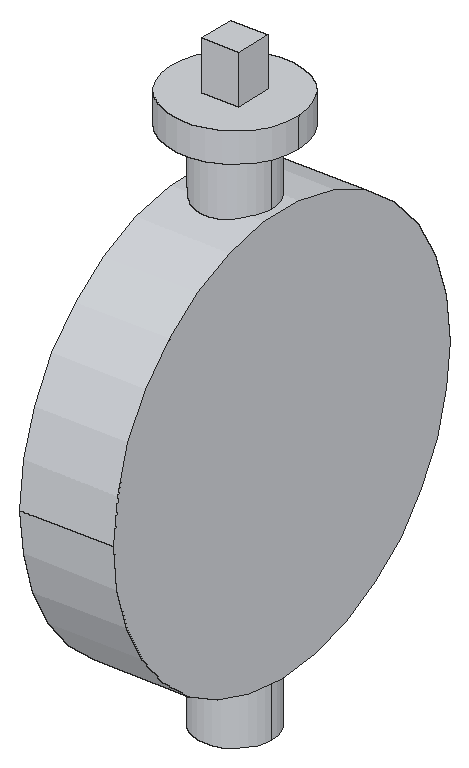
Revit family "HS497-68_disk-nerez_volné vřeteno DN100-RFA_2018", category Pipe Accessories, Revit 2018
Family settings
  Round Connector Dimension = Use Diameter
  Part Type = Valve - Breaks Into
  Work Plane-Based = No
  Always vertical = Yes
  Cut with Voids When Loaded = No
  Shared = No
Parameters (values of type "HS 497-68_DN600_PN10_volné vřeteno")
  magiProductId = "99d5892c14664fce81a7c5903f7711"
  magiProductFamilyId = "53cea81e6f374d17b8841d9c72ad77"
  magiPartTypeId = 305
  isMeasuringValve [instance] = no
  ang2D [instance] = 0.00°
  X11 = 143.397 mm
  X1 = 59.397 mm
  W2D = 1000 mm
  VersionID = "2.0/2017.9.26.1/ZETKAMA_497_001"
  Use Minimum Symbol Size [instance] = yes
  URL = "http://www.hydronic.cz"
  Type Comments = "mezipřírubová; nerezový disk; PN10; -10~+110°C (krátkodobě +120°C)"
  SW30 = no
  SW3 = no
  SW21 = no
  SW20 = no
  SW2 = no
  SW1 = yes
  R = 300 mm
  QmdConnectorList = "301;D;302;D"
  Productdata [instance] = ""
  NC = 50 mm
  Manufacturer = "Hydronic Systems Prague s.r.o."
  MM20 = 59.397 mm
  MC Product Code = "124 600 (nerezový disk, s volným vřetenem; DN600; PN10, kvs36778)"
  M41 = 66 mm
  M4 = 44 mm
  LHL = 220 mm
  LHH3 = 2.45 mm
  LHH1 = 46.55 mm
  LH1 = 73.333 mm
  L4R__ve = -L4R  # -12.8 mm
  L4R = 12.8 mm
  L42__ve = -L42  # -96 mm
  L42 = 96 mm
  L41__ve = -L41  # -19.2 mm
  L41 = 19.2 mm
  L2D_Min = 3048 mm
  L2D = 216 mm
  L2 = 77 mm
  L1 = 123.2 mm
  L = 154 mm
  H = 80 mm
  G22 = 11.25 mm
  G2 = 22.5 mm
  G1 = 90 mm
  G = 210 mm
  F = 60 mm
  E44 = 31.25 mm
  E42 = 62.5 mm
  E4 = 125 mm
  E23 = 4.9 mm
  E22 = 19.6 mm
  E21 = 9.8 mm
  Description = "Mezipřírubová uzavírací klapka s volným vřetenem; nerezový disk, DN600; PN10; kvs36788"
  DR2 = 300 mm
  DR = 690 mm
  DD1 = 15.625 mm
  DD = 12.5 mm
  D = 600 mm
  CAT0 = yes
  B2__ve = -B2  # -140 mm
  B2 = 140 mm
  A2 = 49.4 mm
  A1 = 144.6 mm
Types (43, lengths in mm): name | magiProductId | X11 | X1 | Type Comments | SW30 | SW3 | SW20 | SW2 | SW1 | R | NC | Manufacturer | MM20 | MC Product Code | M41 | M4 | LHL | LHH3 | LHH1 | LH1 | L4R__ve | L4R | L42__ve | L42 | L41__ve | L41 | L2 | L1 | L | H | G | F | E44 | E42 | E4 | E23 | E22 | E21 | Description | DR2 | DR | DD1 | DD | D | B2__ve | B2 | A2 | A1
  HS 497-68_DN100_PN16_volné vřeteno | "65d1b245f4f142c78569c0602d5754" | 61.456 | 25.456 | "mezipřírubová; nerezový disk; PN16; -10~+110°C (krátkodobě +120°C)" | no | no | no | no | yes | 50 | 50 | "Hydronic Systems Prague s.r.o." | 25.456 | "124 100 (nerezový disk, s volným vřetenem; DN100; PN16, kvs512)" | 66 | 44 | 220 | 2.45 | 46.55 | 73.333 | -12.8 | 12.8 | -96 | 96 | -19.2 | 19.2 | 26 | 41.6 | 52 | 30 | 90 | 11 | 31.25 | 62.5 | 125 | 4.9 | 19.6 | 9.8 | "Mezipřírubová uzavírací klapka s volným vřetenem; nerezový disk, DN100; PN16; kvs512" | 50 | 147 | 15.625 | 12.5 | 100 | -56 | 56 | 16.5 | 98.5
  HS 497-68_DN100_PN16_převodové kolo | "11e91b807e674d428c8e796fcdcfe2" | 61.456 | 25.456 | "mezipřírubová; nerezový disk; PN16; -10~+110°C (krátkodobě +120°C)" | yes | yes | no | no | no | 50 | 50 | "Hydronic Systems Prague s.r.o." | 25.456 | "126 100 (nerezový disk, s převodovým kolem; DN100; PN16, kvs512)" | 65.25 | 43.5 | 220 | 2.45 | 46.55 | 73.333 | -12.8 | 12.8 | -96 | 96 | -19.2 | 19.2 | 26 | 41.6 | 52 | 30 | 90 | 11 | 31.25 | 62.5 | 125 | 4.9 | 19.6 | 9.8 | "Mezipřírubová uzavírací klapka s převodovým kolem; nerezový disk, DN100; PN16; kvs512" | 50 | 147 | 15.625 | 12.5 | 100 | -56 | 56 | 16.5 | 98.5
  HS 497-68_DN100_PN16_s pákou | "28172f0b3f4b47b28323ac71cf8749" | 61.456 | 25.456 | "mezipřírubová; nerezový disk; PN16; -10~+110°C (krátkodobě +120°C)" | no | no | yes | yes | no | 50 | 50 | "Hydronic Systems Prague s.r.o." | 25.456 | "121 100 (nerezový disk, s pákou; DN100; PN16, kvs512)" | 66 | 44 | 260 | 3 | 57 | 86.667 | -12.8 | 12.8 | -96 | 96 | -19.2 | 19.2 | 26 | 41.6 | 52 | 30 | 90 | 11 | 31.25 | 62.5 | 125 | 6 | 24 | 12 | "Mezipřírubová uzavírací klapka s pákou; nerezový disk, DN100; PN16; kvs512" | 50 | 147 | 15.625 | 12.5 | 100 | -56 | 56 | 16.5 | 98.5
  HS 497-68_DN125_PN16_volné vřeteno | "0d813d910fc14f628bb3c2efbd185c" | 61.456 | 25.456 | "mezipřírubová; nerezový disk; PN16; -10~+110°C (krátkodobě +120°C)" | no | no | no | no | yes | 62.5 | 50 | "Hydronic Systems Prague s.r.o." | 25.456 | "124 125 (nerezový disk, s volným vřetenem; DN125; PN16, kvs872)" | 66 | 44 | 220 | 2.45 | 46.55 | 73.333 | -12.8 | 12.8 | -96 | 96 | -19.2 | 19.2 | 28 | 44.8 | 56 | 33 | 90 | 14 | 31.25 | 62.5 | 125 | 4.9 | 19.6 | 9.8 | "Mezipřírubová uzavírací klapka s volným vřetenem; nerezový disk, DN125; PN16; kvs872" | 62.5 | 180 | 15.625 | 12.5 | 125 | -64 | 64 | 18 | 99.5
  HS 497-68_DN125_PN16_převodové kolo | "c56b7c13f372467684996fb1e0e229" | 61.456 | 25.456 | "mezipřírubová; nerezový disk; PN16; -10~+110°C (krátkodobě +120°C)" | yes | yes | no | no | no | 62.5 | 50 | "Hydronic Systems Prague s.r.o." | 25.456 | "126125 (nerezový disk, s převodovým kolem; DN125; PN16, kvs872)" | 65.25 | 43.5 | 220 | 2.45 | 46.55 | 73.333 | -13.5 | 13.5 | -101.25 | 101.25 | -20.25 | 20.25 | 28 | 44.8 | 56 | 33 | 90 | 14 | 40 | 80 | 160 | 4.9 | 19.6 | 9.8 | "Mezipřírubová uzavírací klapka s převodovým kolem; nerezový disk, DN125; PN16; kvs872" | 62.5 | 180 | 20 | 16 | 125 | -64 | 64 | 18 | 99.5
  HS 497-68_DN125_PN16_s pákou | "105993c79a91492399feef7931321a" | 61.456 | 25.456 | "mezipřírubová; nerezový disk; PN16; -10~+110°C (krátkodobě +120°C)" | no | no | yes | yes | no | 62.5 | 50 | "Hydronic Systems Prague s.r.o." | 25.456 | "121 125 (nerezový disk, s pákou; DN125; PN16, kvs872)" | 66 | 44 | 315 | 3.75 | 71.25 | 105 | -12.8 | 12.8 | -96 | 96 | -19.2 | 19.2 | 28 | 44.8 | 56 | 33 | 90 | 14 | 31.25 | 62.5 | 125 | 7.5 | 30 | 15 | "Mezipřírubová uzavírací klapka s pákou; nerezový disk, DN125; PN16; kvs872" | 62.5 | 180 | 15.625 | 12.5 | 125 | -64 | 64 | 18 | 99.5
  HS 497-68_DN150_PN16_volné vřeteno | "50c80cb8ab434f55ab7796e5ac1331" | 61.456 | 25.456 | "mezipřírubová; nerezový disk; PN16; -10~+110°C (krátkodobě +120°C)" | no | no | no | no | yes | 75 | 50 | "Hydronic Systems Prague s.r.o." | 25.456 | "124 150 (nerezový disk, s volným vřetenem; DN150; PN16, kvs1347)" | 66 | 44 | 220 | 2.45 | 46.55 | 73.333 | -12.8 | 12.8 | -96 | 96 | -19.2 | 19.2 | 28 | 44.8 | 56 | 33 | 90 | 14 | 31.25 | 62.5 | 125 | 4.9 | 19.6 | 9.8 | "Mezipřírubová uzavírací klapka s volným vřetenem; nerezový disk, DN150; PN16; kvs1347" | 75 | 206 | 15.625 | 12.5 | 150 | -58 | 58 | 19.3 | 98.7
  HS 497-68_DN150_PN16_převodové kolo | "d94a1a0cf83b476eb10011b327f709" | 61.456 | 25.456 | "mezipřírubová; nerezový disk; PN16; -10~+110°C (krátkodobě +120°C)" | yes | yes | no | no | no | 75 | 50 | "Hydronic Systems Prague s.r.o." | 25.456 | "126 150 (nerezový disk, s převodovým kolem; DN150; PN16, kvs1347)" | 65.25 | 43.5 | 220 | 2.45 | 46.55 | 73.333 | -13.5 | 13.5 | -101.25 | 101.25 | -20.25 | 20.25 | 28 | 44.8 | 56 | 33 | 90 | 14 | 40 | 80 | 160 | 4.9 | 19.6 | 9.8 | "Mezipřírubová uzavírací klapka s převodovým kolem; nerezový disk, DN150; PN16; kvs1347" | 75 | 206 | 20 | 16 | 150 | -58 | 58 | 19.3 | 98.7
  HS 497-68_DN150_PN16_s pákou | "4d2835523fe84828bc50ff0a5a0dfb" | 61.456 | 25.456 | "mezipřírubová; nerezový disk; PN16; -10~+110°C (krátkodobě +120°C)" | no | no | yes | yes | no | 75 | 50 | "Hydronic Systems Prague s.r.o." | 25.456 | "121 150 (nerezový disk, s pákou; DN150; PN16, kvs1347)" | 66 | 44 | 315 | 3.75 | 71.25 | 105 | -12.8 | 12.8 | -96 | 96 | -19.2 | 19.2 | 28 | 44.8 | 56 | 33 | 90 | 14 | 31.25 | 62.5 | 125 | 7.5 | 30 | 15 | "Mezipřírubová uzavírací klapka s pákou; nerezový disk, DN150; PN16; kvs1347" | 75 | 206 | 15.625 | 12.5 | 150 | -58 | 58 | 19.3 | 98.7
  HS 497-68_DN200_PN16_volné vřeteno | "5b29029eaeba47139ee1055a4b9201" | 61.456 | 25.456 | "mezipřírubová; nerezový disk; PN16; -10~+110°C (krátkodobě +120°C)" | no | no | no | no | yes | 100 | 50 | "Hydronic Systems Prague s.r.o." | 25.456 | "124 200 (nerezový disk, s volným vřetenem; DN200; PN16, kvs2675)" | 66 | 44 | 220 | 2.45 | 46.55 | 73.333 | -12.8 | 12.8 | -96 | 96 | -19.2 | 19.2 | 30 | 48 | 60 | 33 | 90 | 17 | 31.25 | 62.5 | 125 | 4.9 | 19.6 | 9.8 | "Mezipřírubová uzavírací klapka s volným vřetenem; nerezový disk, DN200; PN16; kvs2675" | 100 | 257 | 15.625 | 12.5 | 200 | -70 | 70 | 22.5 | 102.5
  HS 497-68_DN200_PN16_převodové kolo | "b2793cc1fcc44cf2a35062cd67c04f" | 61.456 | 25.456 | "mezipřírubová; nerezový disk; PN16; -10~+110°C (krátkodobě +120°C)" | yes | yes | no | no | no | 100 | 57 | "Hydronic Systems Prague s.r.o." | 25.456 | "126 200 (nerezový disk, s převodovým kolem; DN200; PN16, kvs2675)" | 78.75 | 52.5 | 220 | 2.45 | 46.55 | 73.333 | -15.2 | 15.2 | -114 | 114 | -22.8 | 22.8 | 30 | 48 | 60 | 33 | 90 | 17 | 50 | 100 | 200 | 4.9 | 19.6 | 9.8 | "Mezipřírubová uzavírací klapka s převodovým kolem; nerezový disk, DN200; PN16; kvs2675" | 100 | 257 | 25 | 20 | 200 | -70 | 70 | 22.5 | 102.5
  HS 497-68_DN200_PN16_s pákou | "f88d96c7af224537a51e72d7d8fffe" | 61.456 | 25.456 | "mezipřírubová; nerezový disk; PN16; -10~+110°C (krátkodobě +120°C)" | no | no | yes | yes | no | 100 | 50 | "Hydronic Systems Prague s.r.o." | 25.456 | "121 200 (nerezový disk, s pákou; DN200; PN16, kvs2675)" | 66 | 44 | 315 | 3.75 | 71.25 | 105 | -12.8 | 12.8 | -96 | 96 | -19.2 | 19.2 | 30 | 48 | 60 | 33 | 90 | 17 | 31.25 | 62.5 | 125 | 7.5 | 30 | 15 | "Mezipřírubová uzavírací klapka s pákou; nerezový disk, DN200; PN16; kvs2675" | 100 | 257 | 15.625 | 12.5 | 200 | -70 | 70 | 22.5 | 102.5
  HS 497-68_DN250_PN16_volné vřeteno | "b662e8305ca2402b9c510e66e6aa55" | 88.77 | 36.77 | "mezipřírubová; nerezový disk; PN16; -10~+110°C (krátkodobě +120°C)" | no | no | no | no | yes | 125 | 50 | "Hydronic Systems Prague s.r.o." | 36.77 | "124 250 (nerezový disk, s volným vřetenem; DN250; PN16, kvs4555)" | 66 | 44 | 220 | 2.45 | 46.55 | 73.333 | -12.8 | 12.8 | -96 | 96 | -19.2 | 19.2 | 34 | 54.4 | 68 | 23 | 130 | 22 | 31.25 | 62.5 | 125 | 4.9 | 19.6 | 9.8 | "Mezipřírubová uzavírací klapka s volným vřetenem; nerezový disk, DN250; PN16; kvs4555" | 125 | 324 | 15.625 | 12.5 | 250 | -85 | 85 | 28.25 | 129.25
  HS 497-68_DN250_PN16_převodové kolo | "5ee9016806664ddfaa2632711f295c" | 88.77 | 36.77 | "mezipřírubová; nerezový disk; PN16; -10~+110°C (krátkodobě +120°C)" | yes | yes | no | no | no | 125 | 70 | "Hydronic Systems Prague s.r.o." | 36.77 | "126 250 (nerezový disk, s převodovým kolem; DN250; PN16, kvs4555)" | 91.5 | 61 | 220 | 2.45 | 46.55 | 73.333 | -22.2 | 22.2 | -166.5 | 166.5 | -33.3 | 33.3 | 34 | 54.4 | 68 | 23 | 130 | 22 | 62.5 | 125 | 250 | 4.9 | 19.6 | 9.8 | "Mezipřírubová uzavírací klapka s převodovým kolem; nerezový disk, DN250; PN16; kvs4555" | 125 | 324 | 31.25 | 25 | 250 | -85 | 85 | 28.25 | 129.25
  HS 497-68_DN300_PN16_volné vřeteno | "e1886f51ff004380a649519258edf2" | 88.77 | 36.77 | "mezipřírubová; nerezový disk; PN16; -10~+110°C (krátkodobě +120°C)" | no | no | no | no | yes | 150 | 50 | "Hydronic Systems Prague s.r.o." | 36.77 | "124 300 (nerezový disk, s volným vřetenem; DN300; PN16, kvs7037)" | 66 | 44 | 220 | 2.45 | 46.55 | 73.333 | -12.8 | 12.8 | -96 | 96 | -19.2 | 19.2 | 39 | 62.4 | 78 | 23 | 130 | 22 | 31.25 | 62.5 | 125 | 4.9 | 19.6 | 9.8 | "Mezipřírubová uzavírací klapka s volným vřetenem; nerezový disk, DN300; PN16; kvs7037" | 150 | 376 | 15.625 | 12.5 | 300 | -90 | 90 | 30.8 | 127.2
  HS 497-68_DN300_PN16_převodové kolo | "6860f094f77d42088fbebc3c97f755" | 88.77 | 36.77 | "mezipřírubová; nerezový disk; PN16; -10~+110°C (krátkodobě +120°C)" | yes | yes | no | no | no | 150 | 70 | "Hydronic Systems Prague s.r.o." | 36.77 | "126 300 (nerezový disk, s převodovým kolem; DN300; PN16, kvs7037)" | 91.5 | 61 | 220 | 2.45 | 46.55 | 73.333 | -22.2 | 22.2 | -166.5 | 166.5 | -33.3 | 33.3 | 39 | 62.4 | 78 | 23 | 130 | 22 | 62.5 | 125 | 250 | 4.9 | 19.6 | 9.8 | "Mezipřírubová uzavírací klapka s převodovým kolem; nerezový disk, DN300; PN16; kvs7037" | 150 | 376 | 31.25 | 25 | 300 | -90 | 90 | 30.8 | 127.2
  HS 497-68_DN032_PN16_volné vřeteno | "8c5f65de52aa4067a77564107e31b2" | 61.456 | 25.456 | "mezipřírubová; nerezový disk; PN16; -10~+110°C (krátkodobě +120°C)" | no | no | no | no | yes | 16 | 50 | "Hydronic Systems Prague s.r.o." | 25.456 | "124 032 (nerezový disk, s volným vřetenem; DN32; PN16, kvs78)" | 66 | 44 | 220 | 2.45 | 46.55 | 73.333 | -12.8 | 12.8 | -96 | 96 | -19.2 | 19.2 | 16.5 | 26.4 | 33 | 30 | 90 | 11 | 31.25 | 62.5 | 125 | 4.9 | 19.6 | 9.8 | "Mezipřírubová uzavírací klapka s volným vřetenem; nerezový disk, DN32; PN16; kvs78" | 16 | 68 | 15.625 | 12.5 | 32 | -44.2 | 44.2 | 10.25 | 76.25
  HS 497-68_DN032_PN16_převodové kolo | "60aaeffa8b3a4e809ef000e4660060" | 61.456 | 25.456 | "mezipřírubová; nerezový disk; PN16; -10~+110°C (krátkodobě +120°C)" | yes | yes | no | no | no | 16 | 50 | "Hydronic Systems Prague s.r.o." | 25.456 | "126 032 (nerezový disk, s převodovým kolem; DN32; PN16, kvs78)" | 65.25 | 43.5 | 220 | 2.45 | 46.55 | 73.333 | -12.8 | 12.8 | -96 | 96 | -19.2 | 19.2 | 16.5 | 26.4 | 33 | 30 | 90 | 11 | 31.25 | 62.5 | 125 | 4.9 | 19.6 | 9.8 | "Mezipřírubová uzavírací klapka s převodovým kolem; nerezový disk, DN32; PN16; kvs78" | 16 | 68 | 15.625 | 12.5 | 32 | -44.2 | 44.2 | 10.25 | 76.25
  HS 497-68_DN032_PN16_s pákou | "9ad8088d610749a1b871aa2aad8007" | 61.456 | 25.456 | "mezipřírubová; nerezový disk; PN16; -10~+110°C (krátkodobě +120°C)" | no | no | yes | yes | no | 16 | 50 | "Hydronic Systems Prague s.r.o." | 25.456 | "121 032 (nerezový disk, s pákou; DN32; PN16, kvs78)" | 66 | 44 | 220 | 2.45 | 46.55 | 73.333 | -12.8 | 12.8 | -96 | 96 | -19.2 | 19.2 | 16.5 | 26.4 | 33 | 30 | 90 | 11 | 31.25 | 62.5 | 125 | 4.9 | 19.6 | 9.8 | "Mezipřírubová uzavírací klapka s pákou; nerezový disk, DN32; PN16; kvs78" | 16 | 68 | 15.625 | 12.5 | 32 | -44.2 | 44.2 | 10.25 | 76.25
  HS 497-68_DN350_PN10_volné vřeteno | "72a1e05f22944421b7e9596a877137" | 109.255 | 45.255 | "mezipřírubová; nerezový disk; PN10; -10~+110°C (krátkodobě +120°C)" | no | no | no | no | yes | 175 | 50 | "Hydronic Systems Prague s.r.o." | 45.255 | "124 350 (nerezový disk, s volným vřetenem; DN350; PN10, kvs10165)" | 66 | 44 | 220 | 2.45 | 46.55 | 73.333 | -12.8 | 12.8 | -96 | 96 | -19.2 | 19.2 | 39 | 62.4 | 78 | 31 | 160 | 22 | 31.25 | 62.5 | 125 | 4.9 | 19.6 | 9.8 | "Mezipřírubová uzavírací klapka s volným vřetenem; nerezový disk, DN350; PN10; kvs10165" | 175 | 430 | 15.625 | 12.5 | 350 | -88 | 88 | 33.85 | 129.65
  HS 497-68_DN350_PN10_převodové kolo | "a5a01426cb28494ba3afca92f1dace" | 109.255 | 45.255 | "mezipřírubová; nerezový disk; PN10; -10~+110°C (krátkodobě +120°C)" | yes | yes | no | no | no | 175 | 70 | "Hydronic Systems Prague s.r.o." | 45.255 | "126 350 (nerezový disk, s převodovým kolem; DN350; PN10, kvs10165)" | 91.5 | 61 | 220 | 2.45 | 46.55 | 73.333 | -22.2 | 22.2 | -166.5 | 166.5 | -33.3 | 33.3 | 39 | 62.4 | 78 | 31 | 160 | 22 | 62.5 | 125 | 250 | 4.9 | 19.6 | 9.8 | "Mezipřírubová uzavírací klapka s převodovým kolem; nerezový disk, DN350; PN10; kvs10165" | 175 | 430 | 31.25 | 25 | 350 | -88 | 88 | 33.85 | 129.65
  HS 497-68_DN400_PN10_volné vřeteno | "c70ebeb927c04ab99b176e257ad0a7" | 109.255 | 45.255 | "mezipřírubová; nerezový disk; PN10; -10~+110°C (krátkodobě +120°C)" | no | no | no | no | yes | 200 | 50 | "Hydronic Systems Prague s.r.o." | 45.255 | "124 400 (nerezový disk, s volným vřetenem; DN400; PN10, kvs13799)" | 66 | 44 | 220 | 2.45 | 46.55 | 73.333 | -12.8 | 12.8 | -96 | 96 | -19.2 | 19.2 | 51 | 81.6 | 102 | 31 | 160 | 27 | 31.25 | 62.5 | 125 | 4.9 | 19.6 | 9.8 | "Mezipřírubová uzavírací klapka s volným vřetenem; nerezový disk, DN400; PN10; kvs13799" | 200 | 485 | 15.625 | 12.5 | 400 | -108 | 108 | 38 | 142
  HS 497-68_DN400_PN10_převodové kolo | "cc64a4384dcb41b780d81810f4f293" | 109.255 | 45.255 | "mezipřírubová; nerezový disk; PN10; -10~+110°C (krátkodobě +120°C)" | yes | yes | no | no | no | 200 | 72.5 | "Hydronic Systems Prague s.r.o." | 45.255 | "126 400 (nerezový disk, s převodovým kolem; DN400; PN10, kvs13799)" | 103.5 | 69 | 220 | 2.45 | 46.55 | 73.333 | -27.8 | 27.8 | -208.5 | 208.5 | -41.7 | 41.7 | 51 | 81.6 | 102 | 31 | 160 | 27 | 75 | 150 | 300 | 4.9 | 19.6 | 9.8 | "Mezipřírubová uzavírací klapka s převodovým kolem; nerezový disk, DN400; PN10; kvs13799" | 200 | 485 | 37.5 | 30 | 400 | -108 | 108 | 38 | 142
  HS 497-68_DN040_PN16_volné vřeteno | "35f92312390745e88df5b5c325d9ee" | 61.456 | 25.456 | "mezipřírubová; nerezový disk; PN16; -10~+110°C (krátkodobě +120°C)" | no | no | no | no | yes | 20 | 50 | "Hydronic Systems Prague s.r.o." | 25.456 | "124 040 (nerezový disk, s volným vřetenem; DN40; PN16, kvs78)" | 66 | 44 | 220 | 2.45 | 46.55 | 73.333 | -12.8 | 12.8 | -96 | 96 | -19.2 | 19.2 | 16.5 | 26.4 | 33 | 30 | 90 | 11 | 31.25 | 62.5 | 125 | 4.9 | 19.6 | 9.8 | "Mezipřírubová uzavírací klapka s volným vřetenem; nerezový disk, DN40; PN16; kvs78" | 20 | 76 | 15.625 | 12.5 | 40 | -36 | 36 | 11 | 79
  HS 497-68_DN040_PN16_převodové kolo | "d88e968eae3445bc9b7b4e6ff35127" | 61.456 | 25.456 | "mezipřírubová; nerezový disk; PN16; -10~+110°C (krátkodobě +120°C)" | yes | yes | no | no | no | 20 | 50 | "Hydronic Systems Prague s.r.o." | 25.456 | "126 040 (nerezový disk, s převodovým kolem; DN40; PN16, kvs78)" | 65.25 | 43.5 | 220 | 2.45 | 46.55 | 73.333 | -12.8 | 12.8 | -96 | 96 | -19.2 | 19.2 | 16.5 | 26.4 | 33 | 30 | 90 | 11 | 31.25 | 62.5 | 125 | 4.9 | 19.6 | 9.8 | "Mezipřírubová uzavírací klapka s převodovým kolem; nerezový disk, DN40; PN16; kvs78" | 20 | 76 | 15.625 | 12.5 | 40 | -36 | 36 | 11 | 79
  HS 497-68_DN040_PN16_s pákou | "c1b522ca65b4407a98818f232eaacb" | 61.456 | 25.456 | "mezipřírubová; nerezový disk; PN16; -10~+110°C (krátkodobě +120°C)" | no | no | yes | yes | no | 20 | 50 | "Hydronic Systems Prague s.r.o." | 25.456 | "121 040 (nerezový disk, s pákou; DN40; PN16, kvs78)" | 66 | 44 | 220 | 2.45 | 46.55 | 73.333 | -12.8 | 12.8 | -96 | 96 | -19.2 | 19.2 | 16.5 | 26.4 | 33 | 30 | 90 | 11 | 31.25 | 62.5 | 125 | 4.9 | 19.6 | 9.8 | "Mezipřírubová uzavírací klapka s pákou; nerezový disk, DN40; PN16; kvs78" | 20 | 76 | 15.625 | 12.5 | 40 | -36 | 36 | 11 | 79
  HS 497-68_DN450_PN10_volné vřeteno | "a8358bc282f14872b3194e530e590a" | 129.74 | 53.74 | "mezipřírubová; nerezový disk; PN10; -10~+110°C (krátkodobě +120°C)" | no | no | no | no | yes | 225 | 50 | "Hydronic Systems Prague s.r.o." | 53.74 | "124 450 (nerezový disk, s volným vřetenem; DN450; PN10, kvs18514)" | 66 | 44 | 220 | 2.45 | 46.55 | 73.333 | -12.8 | 12.8 | -96 | 96 | -19.2 | 19.2 | 57 | 91.2 | 114 | 38 | 190 | 36 | 31.25 | 62.5 | 125 | 4.9 | 19.6 | 9.8 | "Mezipřírubová uzavírací klapka s volným vřetenem; nerezový, DN450; PN10; kvs18514" | 225 | 536 | 15.625 | 12.5 | 450 | -115 | 115 | 38.05 | 117.45
  HS 497-68_DN450_PN10_převodové kolo | "cdf2d80f54a9414f9cbe50647c0ebd" | 129.74 | 53.74 | "mezipřírubová; nerezový disk; PN10; -10~+110°C (krátkodobě +120°C)" | yes | yes | no | no | no | 225 | 91.5 | "Zetkama" | 53.74 | "126 450 (nerezový disk, s převodovým kolem; DN450; PN10, kvs18514)" | 144.75 | 96.5 | 220 | 2.45 | 46.55 | 73.333 | -32.1 | 32.1 | -240.75 | 240.75 | -48.15 | 48.15 | 57 | 91.2 | 114 | 38 | 190 | 36 | 100 | 200 | 400 | 4.9 | 19.6 | 9.8 | "Mezipřírubová uzavírací klapka s převodovým kolem; nerezový disk, DN450; PN10; kvs18514" | 225 | 536 | 50 | 40 | 450 | -115 | 115 | 38.05 | 117.45
  HS 497-68_DN500_PN10_volné vřeteno | "8c396e27bb2743f98f3c762b6517cd" | 143.397 | 59.397 | "mezipřírubová; nerezový disk; PN10; -10~+110°C (krátkodobě +120°C)" | no | no | no | no | yes | 250 | 50 | "Hydronic Systems Prague s.r.o." | 59.397 | "124 500 (nerezový disk, s volným vřetenem; DN500; PN10, kvs23805)" | 66 | 44 | 220 | 2.45 | 46.55 | 73.333 | -12.8 | 12.8 | -96 | 96 | -19.2 | 19.2 | 63.5 | 101.6 | 127 | 38 | 210 | 36 | 31.25 | 62.5 | 125 | 4.9 | 19.6 | 9.8 | "Mezipřírubová uzavírací klapka s volným vřetenem; nerezový disk, DN500; PN10; kvs23805" | 250 | 593 | 15.625 | 12.5 | 500 | -130 | 130 | 43.25 | 139.25
  HS 497-68_DN500_PN10_převodové kolo | "7647804f32e94cef828a7034a91a46" | 143.397 | 59.397 | "mezipřírubová; nerezový disk; PN10; -10~+110°C (krátkodobě +120°C)" | yes | yes | no | no | no | 250 | 91.5 | "Zetkama" | 59.397 | "126 500 (nerezový disk, s převodovým kolem; DN500; PN10, kvs23805)" | 144.75 | 96.5 | 220 | 2.45 | 46.55 | 73.333 | -32.1 | 32.1 | -240.75 | 240.75 | -48.15 | 48.15 | 63.5 | 101.6 | 127 | 38 | 210 | 36 | 100 | 200 | 400 | 4.9 | 19.6 | 9.8 | "Mezipřírubová uzavírací klapka s převodovým kolem; nerezový disk, DN500; PN10; kvs23805" | 250 | 593 | 50 | 40 | 500 | -130 | 130 | 43.25 | 139.25
  HS 497-68_DN050_volné vřeteno | "d71f296ecd6d4adf8f6e5d9853b4e0" | 61.456 | 25.456 | "mezipřírubová; nerezový disk; PN16; -10~+110°C (krátkodobě +120°C)" | no | no | no | no | yes | 25 | 50 | "Hydronic Systems Prague s.r.o." | 25.456 | "124 050 (nerezový disk, s volným vřetenem; DN50; PN16, kvs98)" | 66 | 44 | 220 | 2.45 | 46.55 | 73.333 | -12.8 | 12.8 | -96 | 96 | -19.2 | 19.2 | 21.5 | 34.4 | 43 | 30 | 90 | 11 | 31.25 | 62.5 | 125 | 4.9 | 19.6 | 9.8 | "Mezipřírubová uzavírací klapka s volným vřetenem; nerezový disk, DN50; PN16; kvs98" | 25 | 100 | 15.625 | 12.5 | 50 | -36.5 | 36.5 | 12 | 83
  HS 497-68_DN050_PN16_převodové kolo | "2fb080deeaed49c58418b94c1da5a4" | 61.456 | 25.456 | "mezipřírubová; nerezový disk; PN16; -10~+110°C (krátkodobě +120°C)" | yes | yes | no | no | no | 25 | 50 | "Hydronic Systems Prague s.r.o." | 25.456 | "126 050 (nerezový disk, s převodovým kolem; DN50; PN16, kvs98)" | 65.25 | 43.5 | 220 | 2.45 | 46.55 | 73.333 | -12.8 | 12.8 | -96 | 96 | -19.2 | 19.2 | 21.5 | 34.4 | 43 | 30 | 90 | 11 | 31.25 | 62.5 | 125 | 4.9 | 19.6 | 9.8 | "Mezipřírubová uzavírací klapka s převodovým kolem; nerezový disk, DN50; PN16; kvs98" | 25 | 100 | 15.625 | 12.5 | 50 | -36.5 | 36.5 | 12 | 83
  HS 497-68_DN050_PN16_s pákou | "dabc632061f94877a994b9b4e68112" | 61.456 | 25.456 | "mezipřírubová; nerezový disk; PN16; -10~+110°C (krátkodobě +120°C)" | no | no | yes | yes | no | 25 | 50 | "Hydronic Systems Prague s.r.o." | 25.456 | "121 050 (nerezový disk, s pákou; DN50; PN16, kvs98)" | 66 | 44 | 220 | 2.45 | 46.55 | 73.333 | -12.8 | 12.8 | -96 | 96 | -19.2 | 19.2 | 21.5 | 34.4 | 43 | 30 | 90 | 11 | 31.25 | 62.5 | 125 | 4.9 | 19.6 | 9.8 | "Mezipřírubová uzavírací klapka s pákou; nerezový disk, DN50; PN16; kvs98" | 25 | 100 | 15.625 | 12.5 | 50 | -36.5 | 36.5 | 12 | 83
  HS 497-68_DN600_PN10_volné vřeteno | "99d5892c14664fce81a7c5903f7711" | 143.397 | 59.397 | "mezipřírubová; nerezový disk; PN10; -10~+110°C (krátkodobě +120°C)" | no | no | no | no | yes | 300 | 50 | "Hydronic Systems Prague s.r.o." | 59.397 | "124 600 (nerezový disk, s volným vřetenem; DN600; PN10, kvs36778)" | 66 | 44 | 220 | 2.45 | 46.55 | 73.333 | -12.8 | 12.8 | -96 | 96 | -19.2 | 19.2 | 77 | 123.2 | 154 | 80 | 210 | 60 | 31.25 | 62.5 | 125 | 4.9 | 19.6 | 9.8 | "Mezipřírubová uzavírací klapka s volným vřetenem; nerezový disk, DN600; PN10; kvs36788" | 300 | 690 | 15.625 | 12.5 | 600 | -140 | 140 | 49.4 | 144.6
  HS 497-68_DN600_PN10_převodové kolo | "b1e26faab48a4c499f6bb11e7e3002" | 143.397 | 59.397 | "mezipřírubová; lnerezový disk; PN10; -10~+110°C (krátkodobě +120°C)" | yes | yes | no | no | no | 300 | 140 | "Hydronic Systems Prague s.r.o." | 59.397 | "126 600 (nerezový disk, s převodovým kolem; DN600; PN10, kvs36778)" | 206.25 | 137.5 | 220 | 2.45 | 46.55 | 73.333 | -40.8 | 40.8 | -306 | 306 | -61.2 | 61.2 | 77 | 123.2 | 154 | 80 | 210 | 60 | 125 | 250 | 500 | 4.9 | 19.6 | 9.8 | "Mezipřírubová uzavírací klapka s převodovým kolem; nerezový disk, DN600; PN10; kvs36788" | 300 | 690 | 62.5 | 50 | 600 | -140 | 140 | 49.4 | 144.6
  HS 497-68_DN065_PN16_volné vřeteno | "5e5e208646e34ec29f889baab5d08e" | 61.456 | 25.456 | "mezipřírubová; lnerezový disk; PN16; -10~+110°C (krátkodobě +120°C)" | no | no | no | no | yes | 32.5 | 50 | "Hydronic Systems Prague s.r.o." | 25.456 | "124 065 (nerezový disk, s volným vřetenem; DN65; PN16, kvs167)" | 66 | 44 | 220 | 2.45 | 46.55 | 73.333 | -12.8 | 12.8 | -96 | 96 | -19.2 | 19.2 | 23 | 36.8 | 46 | 30 | 90 | 11 | 31.25 | 62.5 | 125 | 4.9 | 19.6 | 9.8 | "Mezipřírubová uzavírací klapka s volným vřetenem; nerezový disk, DN65; PN16; kv167" | 32.5 | 108 | 15.625 | 12.5 | 65 | -36.5 | 36.5 | 13.5 | 89
  HS 497-68_DN065_PN16_převodové kolo | "654d74c8d15540b0bfe523d988ccb3" | 61.456 | 25.456 | "mezipřírubová; nerezový disk; PN16; -10~+110°C (krátkodobě +120°C)" | yes | yes | no | no | no | 32.5 | 50 | "Hydronic Systems Prague s.r.o." | 25.456 | "126 065 (nerezový disk, s převodovým kolem; DN65; PN16, kvs167)" | 65.25 | 43.5 | 220 | 2.45 | 46.55 | 73.333 | -12.8 | 12.8 | -96 | 96 | -19.2 | 19.2 | 23 | 36.8 | 46 | 30 | 90 | 11 | 31.25 | 62.5 | 125 | 4.9 | 19.6 | 9.8 | "Mezipřírubová uzavírací klapka s převodovým kolem; nerezový disk, DN65; PN16; kvs167" | 32.5 | 108 | 15.625 | 12.5 | 65 | -36.5 | 36.5 | 13.5 | 89
  HS 497-68_DN065_PN16_s pákou | "ebeb4b59db0641caaf6d6635ab37b9" | 61.456 | 25.456 | "mezipřírubová; nerezový disk; PN16; -10~+110°C (krátkodobě +120°C)" | no | no | yes | yes | no | 32.5 | 50 | "Hydronic Systems Prague s.r.o." | 25.456 | "121 065 (nerezový disk, s pákou; DN65; PN16, kvs167)" | 66 | 44 | 220 | 2.45 | 46.55 | 73.333 | -12.8 | 12.8 | -96 | 96 | -19.2 | 19.2 | 23 | 36.8 | 46 | 30 | 90 | 11 | 31.25 | 62.5 | 125 | 4.9 | 19.6 | 9.8 | "Mezipřírubová uzavírací klapka s pákou; nerezový disk, DN65; PN16; kvs167" | 32.5 | 108 | 15.625 | 12.5 | 65 | -36.5 | 36.5 | 13.5 | 89
  HS 497-68_DN080_PN16_volné vřeteno | "9e85c75c18654e1185a9c48ed6b00e" | 61.456 | 25.456 | "mezipřírubová; nerezový disk; PN16; -10~+110°C (krátkodobě +120°C)" | no | no | no | no | yes | 40 | 50 | "Hydronic Systems Prague s.r.o." | 25.456 | "124 080 (nerezový disk, s volným vřetenem; DN80; PN16, kvs258)" | 66 | 44 | 220 | 2.45 | 46.55 | 73.333 | -12.8 | 12.8 | -96 | 96 | -19.2 | 19.2 | 23 | 36.8 | 46 | 30 | 90 | 11 | 31.25 | 62.5 | 125 | 4.9 | 19.6 | 9.8 | "Mezipřírubová uzavírací klapka s volným vřetenem; nerezový disk, DN80; PN16; kvs258" | 40 | 124 | 15.625 | 12.5 | 80 | -54 | 54 | 14.1 | 86.9
  HS 497-68_DN080_PN16_převodové kolo | "5b3c8238c3d041e68c75b199e7ea46" | 61.456 | 25.456 | "mezipřírubová; nerezový disk; PN16; -10~+110°C (krátkodobě +120°C)" | yes | yes | no | no | no | 40 | 50 | "Hydronic Systems Prague s.r.o." | 25.456 | "126 080 (nerezový disk, s převodovým kolem; DN80; PN16, kvs258)" | 65.25 | 43.5 | 220 | 2.45 | 46.55 | 73.333 | -12.8 | 12.8 | -96 | 96 | -19.2 | 19.2 | 23 | 36.8 | 46 | 30 | 90 | 11 | 31.25 | 62.5 | 125 | 4.9 | 19.6 | 9.8 | "Mezipřírubová uzavírací klapka s převodovým kolem; nerezový disk, DN80; PN16; kvs258" | 40 | 124 | 15.625 | 12.5 | 80 | -54 | 54 | 14.1 | 86.9
  HS 497-68_DN080_PN16_s pákou | "e414795fab0f4eccb99bc3572c5477" | 61.456 | 25.456 | "mezipřírubová; nerezový disk; PN16; -10~+110°C (krátkodobě +120°C)" | no | no | yes | yes | no | 40 | 50 | "Hydronic Systems Prague s.r.o." | 25.456 | "121 080 (nerezový disk, s pákou; DN80; PN16, kvs258)" | 66 | 44 | 260 | 3 | 57 | 86.667 | -12.8 | 12.8 | -96 | 96 | -19.2 | 19.2 | 23 | 36.8 | 46 | 30 | 90 | 11 | 31.25 | 62.5 | 125 | 6 | 24 | 12 | "Mezipřírubová uzavírací klapka s pákou; nerezový disk, DN80; PN16; kvs258" | 40 | 124 | 15.625 | 12.5 | 80 | -54 | 54 | 14.1 | 86.9
  HS 497-68_DN250_PN16_s pákou | "" | 88.77 | 36.77 | "mezipřírubová; nerezový disk; PN16; -10~+110°C (krátkodobě +120°C)" | no | no | yes | yes | no | 125 | 70 | "Hydronic Systems Prague s.r.o." | 36.77 | "121 250 (nerezový disk, s ákou; DN250; PN16, kvs4555)" | 91.5 | 61 | 220 | 2.45 | 46.55 | 73.333 | -22.2 | 22.2 | -166.5 | 166.5 | -33.3 | 33.3 | 34 | 54.4 | 68 | 23 | 130 | 22 | 62.5 | 125 | 250 | 4.9 | 19.6 | 9.8 | "Mezipřírubová uzavírací klapka s pákou; nerezový disk, DN250; PN16; kvs4555" | 125 | 324 | 31.25 | 25 | 250 | -85 | 85 | 28.25 | 129.25
  HS 497-68_DN300_PN16_s pákou | "" | 88.77 | 36.77 | "mezipřírubová; nerezový disk; PN16; -10~+110°C (krátkodobě +120°C)" | no | no | yes | yes | no | 150 | 70 | "Hydronic Systems Prague s.r.o." | 36.77 | "121 300 (nerezový disk, s pákou; DN300; PN16, kvs7037)" | 91.5 | 61 | 220 | 2.45 | 46.55 | 73.333 | -22.2 | 22.2 | -166.5 | 166.5 | -33.3 | 33.3 | 39 | 62.4 | 78 | 23 | 130 | 22 | 62.5 | 125 | 250 | 4.9 | 19.6 | 9.8 | "Mezipřírubová uzavírací klapka s pákou; nerezový disk, DN300; PN16; kvs7037" | 150 | 376 | 31.25 | 25 | 300 | -90 | 90 | 30.8 | 127.2
Reference planes
  plane 1 "Center (Front/Back)": y = 0
  plane 2 "XYPLANE": z = 0
  plane 3 "Center (Left/Right)": x = 0
  plane 4 "473": x = -59.397
  plane 5 "472": x = -66
  plane 6 "471": y = -59.397
  plane 7 "470": y = 59.397
  plane 8 "469": x = -44
  plane 9 "468": y = -115.2
  plane 10 "467": y = -96
  plane 11 "466": z = 525.25
  plane 12 "465": z = 540.55
  plane 13 "464": y = 145.417
  plane 14 "463": z = 530.75
  plane 15 "462": z = 513.6
  plane 16 "461": z = 523.4
  plane 17 "460": y = 72.083
  plane 18 "459": x = -11.25
  plane 19 "458": x = 11.25
  plane 20 "457": y = -6.25
  plane 21 "456": x = -17.5
  plane 22 "455": x = 17.5
  plane 23 "454": z = 528.3
  plane 24 "453": y = 62.083
  plane 25 "452": y = -11.25
  plane 26 "451": x = -22.5
  plane 27 "450": x = 22.5
  plane 28 "449": z = 508.7
  plane 29 "448": z = 503.8
  plane 30 "447": z = -300
  plane 31 "446": z = 494
  plane 32 "445": z = 444.6
  plane 33 "444": z = 300
  plane 34 "443": x = 77
  plane 35 "442": x = -77
  plane 36 "441": z = 0
  plane 37 "440": y = 0
  plane 38 "439": x = 0
  plane 39 "438": z = 543
  plane 40 "437": z = 528.3
  plane 41 "436": x = 13.7
  plane 42 "435": x = -13.7
  plane 43 "434": y = 220
Forms (mm)
  Extrusion 1, solid, visible <- "SW3"
    sketch origin (-750, 0, 494) x (1, 0, 0) y (0, 1, 0)
      loop
        line (684, 59.397) -> (684, -59.397) -> (690.603, -59.397)
        arc (690.603, -59.397) -> (834, 0) -> (690.603, 59.397) r 84
        line (690.603, 59.397) -> (684, 59.397)
    from 0 to 62.5 <- "E42"
  Extrusion 2, solid, visible <- "SW30"
    sketch origin (0, -750, 0) x (0, 1, 0) y (0, 0, 1)
      loop
        circle (750, 525.25) r 7.813
    from 0 to 50 <- "NC"
  Extrusion 3, solid, visible <- "SW30"
    sketch origin (750, -115.2, 0) x (-1, 0, 0) y (0, 0, 1)
      loop
        circle (794, 525.25) r 62.5
    from 0 to -12.8 <- "L4R__ve"
  Extrusion 4, solid, visible <- "SW3"
    sketch origin (750, -96, 0) x (-1, 0, 0) y (0, 0, 1)
      loop
        circle (794, 525.25) r 7.813
    from 0 to -19.2 <- "L41__ve"
  Extrusion 5, solid, visible <- "SW30"
    sketch origin (750, 0, 0) x (-1, 0, 0) y (0, 0, 1)
      loop
        circle (794, 525.25) r 6.25
    from 0 to -96 <- "L42__ve"
  Blend 6, solid, visible <- "SW21"
    base sketch origin (750, 72.083, 0) x (-1, 0, 0) y (0, 0, 1)
      loop
        line (761.25, 523.4) -> (738.75, 523.4) -> (738.75, 513.6) -> (761.25, 513.6) -> (761.25, 523.4)
    top sketch origin (750, 72.083, 0) x (-1, 0, 0) y (0, 0, 1)
      loop
        line (761.25, 540.55) -> (738.75, 540.55) -> (738.75, 530.75) -> (761.25, 530.75) -> (761.25, 540.55)
    from 0 to 73.333
  Blend 7, solid, visible <- "SW21"
    base sketch origin (750, 62.083, 0) x (-1, 0, 0) y (0, 0, 1)
      loop
        line (761.25, 528.3) -> (738.75, 528.3) -> (738.75, 508.7) -> (761.25, 508.7) -> (761.25, 528.3)
    top sketch origin (750, 62.083, 0) x (-1, 0, 0) y (0, 0, 1)
      loop
        line (761.25, 523.4) -> (738.75, 523.4) -> (738.75, 513.6) -> (761.25, 513.6) -> (761.25, 523.4)
    from 0 to 10
  Blend 8, solid, visible <- "SW21"
    base sketch origin (-750, 0, 508.7) x (1, 0, 0) y (0, 1, 0)
      loop
        line (772.5, 62.083) -> (727.5, 62.083) -> (727.5, -11.25)
        arc (727.5, -11.25) -> (750, -31.25) -> (772.5, -11.25) r 22.656
        line (772.5, -11.25) -> (772.5, 62.083)
    top sketch origin (-750, 0, 508.7) x (1, 0, 0) y (0, 1, 0)
      loop
        line (767.5, 62.083) -> (732.5, 62.083) -> (732.5, -6.25)
        arc (732.5, -6.25) -> (750, -26.25) -> (767.5, -6.25) r 17.656
        line (767.5, -6.25) -> (767.5, 62.083)
    from 0 to 19.6
  Extrusion 9, solid, visible <- "SW2"
    sketch origin (-750, 0, 503.8) x (1, 0, 0) y (0, 1, 0)
      loop
        circle (750, 0) r 11.25
    from 0 to 4.9 <- "E23"
  Extrusion 10, solid, visible <- "SW2"
    sketch origin (-750, 0, 494) x (1, 0, 0) y (0, 1, 0)
      loop
        circle (750, 0) r 45
    from 0 to 9.8 <- "E21"
  Extrusion 11, solid, visible <- "CAT0"
    sketch origin (-750, 0, -300) x (1, 0, 0) y (0, 1, 0)
      loop
        circle (750, 0) r 61.6
    from 0 to -140 <- "B2__ve"
  Extrusion 12, solid, visible <- "CAT0"
    sketch origin (-750, 0, 444.6) x (1, 0, 0) y (0, 1, 0)
      loop
        circle (750, 0) r 105
    from 0 to 49.4 <- "A2"
  Extrusion 13, solid, visible <- "CAT0"
    sketch origin (-750, 0, 300) x (1, 0, 0) y (0, 1, 0)
      loop
        circle (750, 0) r 61.6
    from 0 to 144.6 <- "A1"
  Extrusion 14, solid, visible <- "CAT0"
    sketch origin (-77, -750, 0) x (0, 1, 0) y (0, 0, 1)
      loop
        circle (750, 0) r 345
    from 0 to 154 <- "L"
  Extrusion 15, solid, visible <- "SW1"
    sketch origin (-750, 0, 494) x (1, 0, 0) y (0, 1, 0)
      loop
        line (780, 30) -> (720, 30) -> (720, -30) -> (780, -30) -> (780, 30)
    from 0 to 80 <- "H"
  Blend 16, solid, visible <- "SW2"
    base sketch origin (750, 145.417, 0) x (-1, 0, 0) y (0, 0, 1)
      loop
        arc (763.7, 538) -> (762.236, 541.536) -> (758.7, 543) r 5
        line (758.7, 543) -> (741.3, 543)
        arc (741.3, 543) -> (737.764, 541.536) -> (736.3, 538) r 5
        line (736.3, 538) -> (736.3, 533.3)
        arc (736.3, 533.3) -> (737.764, 529.764) -> (741.3, 528.3) r 5
        line (741.3, 528.3) -> (758.7, 528.3)
        arc (758.7, 528.3) -> (762.236, 529.764) -> (763.7, 533.3) r 5
        line (763.7, 533.3) -> (763.7, 538)
    top sketch origin (750, 145.417, 0) x (-1, 0, 0) y (0, 0, 1)
      loop
        arc (763.7, 538) -> (762.236, 541.536) -> (758.7, 543) r 5
        line (758.7, 543) -> (741.3, 543)
        arc (741.3, 543) -> (737.764, 541.536) -> (736.3, 538) r 5
        line (736.3, 538) -> (736.3, 533.3)
        arc (736.3, 533.3) -> (737.764, 529.764) -> (741.3, 528.3) r 5
        line (741.3, 528.3) -> (758.7, 528.3)
        arc (758.7, 528.3) -> (762.236, 529.764) -> (763.7, 533.3) r 5
        line (763.7, 533.3) -> (763.7, 538)
    from 0 to 74.583
  Blend 17, solid, visible <- "SW20"
    base sketch origin (750, 145.417, 0) x (-1, 0, 0) y (0, 0, 1)
      loop
        line (763.7, 543) -> (736.3, 543) -> (736.3, 528.3) -> (763.7, 528.3) -> (763.7, 543)
    top sketch origin (750, 145.417, 0) x (-1, 0, 0) y (0, 0, 1)
      loop
        line (761.25, 528.3) -> (738.75, 528.3) -> (738.75, 508.7) -> (761.25, 508.7) -> (761.25, 528.3)
    from 0 to -83.333
  Extrusion 18, solid, visible <- "SW20"
    sketch origin (-750, 0, 508.7) x (1, 0, 0) y (0, 1, 0)
      loop
        line (772.5, 62.083) -> (727.5, 62.083) -> (727.5, -11.25)
        arc (727.5, -11.25) -> (750, -31.25) -> (772.5, -11.25) r 22.656
        line (772.5, -11.25) -> (772.5, 62.083)
    from 0 to 19.6 <- "E22"
  Extrusion 19, solid, not visible
    sketch origin (-77, -750, 0) x (0, 1, 0) y (0, 0, 1)
      loop
        circle (750, 0) r 10
    from 0 to 10
  Extrusion 20, solid, not visible
    sketch origin (77, -750, 0) x (0, 1, 0) y (0, 0, 1)
      loop
        circle (750, 0) r 10
    from 0 to -10
Lines and regions (mm)
  reference lines, not visible
    curve 1: circle (2, 2, 0) r 1 normal (0, 0, 1)
  reference lines
    curve 2: line (-59.397, -59.397, 494) -> (-59.397, 59.397, 494)
    curve 3: line (-17.5, -6.25, 508.7) -> (17.5, -6.25, 508.7)
    curve 4: line (-22.5, -11.25, 508.7) -> (22.5, -11.25, 508.7)
    curve 5: circle (0, 0, 494) r 1 normal (0, 0, 1)
    curve 6: line (-22.5, -11.25, 508.7) -> (22.5, -11.25, 508.7)
Dimensions and locks
  plane 1 "Center (Front/Back)" to curve 1 = 2 mm
  "X1": plane 3 "Center (Left/Right)" to plane 4 "473"
  "M41": plane 3 "Center (Left/Right)" to plane 5 "472"
  "MM20": plane 1 "Center (Front/Back)" to plane 6 "471"
  "MM20": plane 1 "Center (Front/Back)" to plane 7 "470"
  "M4": plane 3 "Center (Left/Right)" to plane 8 "469"
  "L41": plane 10 "467" to plane 9 "468"
  "L42": plane 1 "Center (Front/Back)" to plane 10 "467"
  "E44": plane 31 "446" to plane 11 "466"
  "LHH1": plane 31 "446" to plane 12 "465"
  "LH1": plane 17 "460" to plane 13 "464"
  "E21": plane 12 "465" to plane 14 "463"
  "E21": plane 16 "461" to plane 15 "462"
  "E23": plane 23 "454" to plane 16 "461"
  locked: plane 24 "453" to plane 17 "460" at 10
  "G22": plane 3 "Center (Left/Right)" to plane 18 "459"
  "G22": plane 3 "Center (Left/Right)" to plane 19 "458"
  locked: plane 25 "452" to plane 20 "457" at 5
  locked: plane 26 "451" to plane 21 "456" at 5
  locked: plane 27 "450" to plane 22 "455" at 5
  "E22": plane 28 "449" to plane 23 "454"
  "LH1": plane 25 "452" to plane 24 "453"
  "G22": plane 1 "Center (Front/Back)" to plane 25 "452"
  "G2": plane 3 "Center (Left/Right)" to plane 26 "451"
  "G2": plane 3 "Center (Left/Right)" to plane 27 "450"
  "E23": plane 29 "448" to plane 28 "449"
  "E21": plane 31 "446" to plane 29 "448"
  "R": plane 2 "XYPLANE" to plane 30 "447"
  "A2": plane 32 "445" to plane 31 "446"
  "A1": plane 33 "444" to plane 32 "445"
  "DR2": plane 2 "XYPLANE" to plane 33 "444"
  "L2": plane 3 "Center (Left/Right)" to plane 34 "443"
  "L2": plane 3 "Center (Left/Right)" to plane 35 "442"
  locked: plane 2 "XYPLANE" to plane 36 "441"
  locked: plane 1 "Center (Front/Back)" to plane 37 "440"
  locked: plane 3 "Center (Left/Right)" to plane 38 "439"
  "LHH3": plane 12 "465" to plane 39 "438"
  "LHH3": plane 14 "463" to plane 40 "437"
  "LHH3": plane 19 "458" to plane 41 "436"
  "LHH3": plane 18 "459" to plane 42 "435"
  "LHL": plane 1 "Center (Front/Back)" to plane 43 "434"
  "X11": curve 2 to Extrusion 1 sketch curve
  Extrusion 1 sketch curve to Extrusion 1 sketch curve = 0 mm  (x8)
  Blend 6 sketch curve to Blend 6 sketch curve = 0 mm  (x16)
  Blend 7 sketch curve to Blend 7 sketch curve = 0 mm  (x16)
  Blend 8 sketch curve to Blend 8 sketch curve = 0 mm  (x16)
  equal spacing: Extrusion 15 sketch curve, curve 5, Extrusion 15 sketch curve  (x2)
  "F": Extrusion 15 sketch curve to Extrusion 15 sketch curve  (x2)
  Blend 16 sketch curve to Blend 16 sketch curve = 0 mm  (x32)
  Blend 17 sketch curve to Blend 17 sketch curve = 0 mm  (x16)
  Extrusion 18 sketch curve to Extrusion 18 sketch curve = 0 mm  (x8)
  "DD1": diameter of Extrusion 2 sketch curve
  "E4": diameter of Extrusion 3 sketch curve
  "DD1": diameter of Extrusion 4 sketch curve
  "DD": diameter of Extrusion 5 sketch curve
  "G2": diameter of Extrusion 9 sketch curve
  "G1": diameter of Extrusion 10 sketch curve
  "L1": diameter of Extrusion 11 sketch curve
  "G": diameter of Extrusion 12 sketch curve
  "L1": diameter of Extrusion 13 sketch curve
  "DR": diameter of Extrusion 14 sketch curve
  radius of Blend 16 sketch curve = 5 mm  (x8)
  aligned and locked: level to plane 2 "XYPLANE"
  aligned and locked: Extrusion 1 sketch curve to plane 5 "472"
  aligned and locked: plane 7 "470" to Extrusion 1 sketch curve
  aligned and locked: plane 6 "471" to Extrusion 1 sketch curve
  aligned and locked: plane 5 "472" to Extrusion 1 sketch curve
  aligned and locked: plane 4 "473" to Extrusion 1 sketch curve  (x2)
  aligned and locked: plane 4 "473" to curve 2
  aligned and locked: plane 6 "471" to curve 2
  aligned and locked: plane 7 "470" to curve 2
  aligned and locked: Extrusion 1 sketch curve to plane 7 "470"
  aligned and locked: plane 11 "466" to Extrusion 2 sketch curve
  aligned and locked: plane 37 "440" to Extrusion 2 sketch curve
  aligned and locked: plane 8 "469" to Extrusion 3 sketch curve
  aligned and locked: plane 11 "466" to Extrusion 3 sketch curve
  aligned and locked: plane 8 "469" to Extrusion 4 sketch curve
  aligned and locked: plane 11 "466" to Extrusion 4 sketch curve
  aligned and locked: plane 8 "469" to Extrusion 5 sketch curve
  aligned and locked: plane 11 "466" to Extrusion 5 sketch curve
  aligned and locked: plane 12 "465" to Blend 6 sketch curve  (x2)
  aligned and locked: plane 18 "459" to Blend 6 sketch curve  (x4)
  aligned and locked: plane 19 "458" to Blend 6 sketch curve  (x4)
  aligned and locked: plane 14 "463" to Blend 6 sketch curve  (x2)
  aligned and locked: plane 16 "461" to Blend 6 sketch curve  (x2)
  aligned and locked: plane 15 "462" to Blend 6 sketch curve  (x2)
  aligned and locked: plane 13 "464" to Blend 6
  aligned and locked: plane 16 "461" to Blend 7 sketch curve  (x2)
  aligned and locked: plane 18 "459" to Blend 7 sketch curve  (x4)
  aligned and locked: plane 19 "458" to Blend 7 sketch curve  (x4)
  aligned and locked: plane 15 "462" to Blend 7 sketch curve  (x2)
  aligned and locked: plane 23 "454" to Blend 7 sketch curve  (x2)
  aligned and locked: plane 28 "449" to Blend 7 sketch curve  (x2)
  aligned and locked: plane 17 "460" to Blend 7
  aligned and locked: plane 24 "453" to Blend 8 sketch curve  (x4)
  aligned and locked: plane 22 "455" to Blend 8 sketch curve  (x2)
  aligned and locked: plane 21 "456" to Blend 8 sketch curve
  aligned and locked: plane 20 "457" to Blend 8 sketch curve  (x2)
  aligned and locked: curve 3 to plane 20 "457"
  aligned and locked: plane 21 "456" to curve 3
  aligned and locked: plane 22 "455" to curve 3
  aligned and locked: plane 27 "450" to Blend 8 sketch curve  (x2)
  aligned and locked: plane 26 "451" to Blend 8 sketch curve
  aligned and locked: plane 25 "452" to Blend 8 sketch curve  (x2)
  aligned and locked: curve 4 to plane 25 "452"
  aligned and locked: plane 26 "451" to curve 4
  aligned and locked: plane 27 "450" to curve 4
  aligned and locked: plane 23 "454" to Blend 8
  aligned and locked: plane 37 "440" to Extrusion 9 sketch curve
  aligned and locked: plane 38 "439" to Extrusion 9 sketch curve
  aligned and locked: plane 37 "440" to Extrusion 10 sketch curve
  aligned and locked: plane 38 "439" to Extrusion 10 sketch curve
  aligned and locked: plane 37 "440" to Extrusion 11 sketch curve
  aligned and locked: plane 38 "439" to Extrusion 11 sketch curve
  aligned and locked: plane 37 "440" to Extrusion 12 sketch curve
  aligned and locked: plane 38 "439" to Extrusion 12 sketch curve
  aligned and locked: plane 37 "440" to Extrusion 13 sketch curve
  aligned and locked: plane 38 "439" to Extrusion 13 sketch curve
  aligned and locked: plane 36 "441" to Extrusion 14 sketch curve
  aligned and locked: Extrusion 14 sketch curve to plane 37 "440"
  aligned and locked: plane 37 "440" to curve 5
  aligned and locked: plane 38 "439" to curve 5
  aligned and locked: plane 39 "438" to Blend 16 sketch curve  (x2)
  aligned and locked: plane 41 "436" to Blend 16 sketch curve  (x2)
  aligned and locked: Blend 16 sketch curve to plane 40 "437"  (x2)
  aligned and locked: Blend 16 sketch curve to plane 42 "435"  (x2)
  aligned and locked: plane 43 "434" to Blend 16
  aligned and locked: plane 23 "454" to Blend 17 sketch curve  (x2)
  aligned and locked: plane 18 "459" to Blend 17 sketch curve  (x2)
  aligned and locked: plane 19 "458" to Blend 17 sketch curve  (x2)
  aligned and locked: plane 28 "449" to Blend 17 sketch curve  (x2)
  aligned and locked: plane 39 "438" to Blend 17 sketch curve  (x2)
  aligned and locked: plane 42 "435" to Blend 17 sketch curve  (x2)
  aligned and locked: plane 41 "436" to Blend 17 sketch curve  (x2)
  aligned and locked: plane 40 "437" to Blend 17 sketch curve  (x2)
  aligned and locked: Blend 17 to plane 24 "453"
  aligned and locked: plane 24 "453" to Extrusion 18 sketch curve  (x2)
  aligned and locked: plane 27 "450" to Extrusion 18 sketch curve  (x2)
  aligned and locked: plane 26 "451" to Extrusion 18 sketch curve
  aligned and locked: plane 25 "452" to Extrusion 18 sketch curve  (x2)
  aligned and locked: curve 6 to plane 25 "452"
  aligned and locked: plane 26 "451" to curve 6
  aligned and locked: plane 27 "450" to curve 6
  aligned and locked: plane 36 "441" to Extrusion 19 sketch curve
  aligned and locked: Extrusion 19 sketch curve to plane 37 "440"
  aligned and locked: plane 36 "441" to Extrusion 20 sketch curve
  aligned and locked: Extrusion 20 sketch curve to plane 37 "440"
Automatic sketch dimensions
  Blend 8 sketch curve to plane 20 "457" = 2.344 mm  (x2)
  Extrusion 18 sketch curve to plane 20 "457" = 2.344 mm
  plane 25 "452" to Extrusion 19 sketch curve = 1.25 mm
  plane 25 "452" to Extrusion 20 sketch curve = 1.25 mm
  plane 3 "Center (Left/Right)" to curve 1 = 2 mm
  Extrusion 15 sketch curve to plane 26 "451" = 7.5 mm
  Extrusion 15 sketch curve to plane 25 "452" = 18.75 mm
  radius of curve 5 = 1 mm
  radius of curve 1 = 1 mm
Connectors
  piping at (-77, 0, 0), diameter 600, driven by "D"
    settings: on Extrusion 19, index 1, connector inside diameter 609.6 mm, connector length 0 mm, flow factor 0, pipe flow 0.0 L/s, pressure drop 0.0 Pa, fitting loss kfactor 0, connector angle 0.00°, fixture units 0, engagement length 0 mm, angle of deflection 0.00°, flow configuration 0, flow direction 0, fitting loss method 0, system type 29, joint type 0, gender type 0, connector reference index 2, connector utility 0, adjustable connector no, is connector primary yes, connector description ""
  piping at (77, 0, 0), diameter 600, driven by "D"
    settings: on Extrusion 20, index 2, connector inside diameter 609.6 mm, connector length 0 mm, flow factor 0, pipe flow 0.0 L/s, pressure drop 0.0 Pa, fitting loss kfactor 0, connector angle 0.00°, fixture units 0, engagement length 0 mm, angle of deflection 0.00°, flow configuration 0, flow direction 0, fitting loss method 0, system type 29, joint type 0, gender type 0, connector reference index 1, connector utility 0, adjustable connector no, is connector primary no, connector description ""
